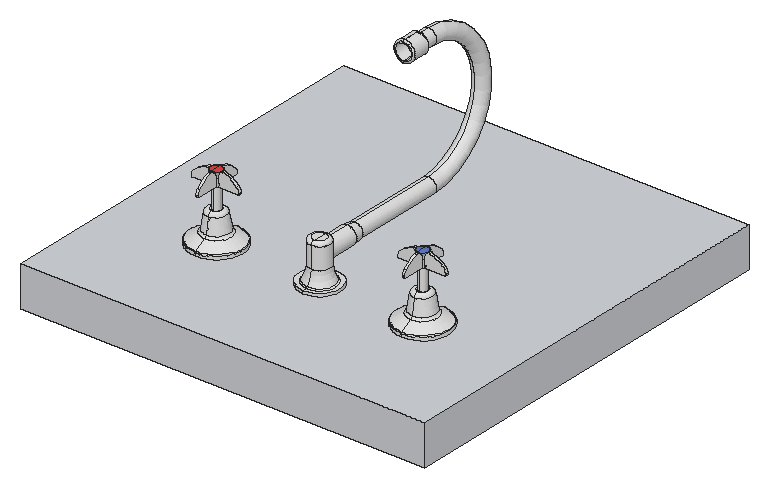
Revit family
Parameters (values of type "49949 (Jumper Valve)")
  WELSRating_ANZRS = "5 star"
  URL = "www.galvinengineering.com.au"
  Type Comments = "Vendal Resistant"
  StyleOrType_ANZRS = "Plumbing Fixture"
  Seating = "Jumper Valve (Option of 1/2 Turn Ceramic Disc)"
  PlumbingMaterial_ANZRS = Metal_Taps_DR-Brass-with-Chrome-Finish_10800
  Outlet = "Fixed Gooseneck 200mm Spout DPW (NSW) with Aerator"
  ModifiedIssue_ANZRS = 20120629.01  # constant formula
  Model = "49949"
  Manufacturer = "Galvin Engineering"
  Keynote = "15400"
  Instructions = "http://www.galvinengineering.com.au/Installation_Guides_1.aspx"
  Inlet = "15mm BSP"
  FlowRate = 0.10 L/s
  FilterObject_ANZRS = "Vendal Resistant"
  DimWidth = 255 mm  # constant formula
  DimInletRadius = 7.5 mm  # constant formula
  DimHeight = 260 mm  # constant formula
  DimDepth = 200 mm  # constant formula
  Description = "Vandal Resistant DPW Wall Sink Set - Jumper Valve, Fixed Gooseneck Spout 200cc x 120h"
  Default Elevation = 900 mm
  CreatedBy_ANZRS = "Galvin Engineering"  # constant formula
  CreatedByURL_ANZRS = "www.galvinengineering.com.au"
  CreatedByPhoneNo_ANZRS = "61-8-92495900"  # constant formula
  Assembly Code = "D2010"
Reference planes
  plane 1 "Bottom": y = 0
  plane 2 "Face": z = 0
  plane 3 "Center (Left/Right)": x = 0
  plane 4 "Left": x = -127.5
  plane 5 "Right": x = 127.5
  plane 6 "Front": z = 200
  plane 7: z = 82.559
  plane 8 "Top": y = 260
  plane 9: y = 130
Forms (mm)
  Extrusion 1, solid
    sketch origin (0, -719.2, 0) x (1, 0, 0) y (0, 1, 0)
      loop
        line (-250, 1069.2) -> (-250, 569.2) -> (250, 569.2) -> (250, 1069.2) -> (-250, 1069.2)
    from 0 to -50
  Revolve 2, solid, material "Metal_Taps_DR-Brass-with-Chrome-Finish_10800" <- "PlumbingMaterial_ANZRS"
    sketch origin (-127.5, 0, 0) x (0, 1, 0) y (0, 0, 1)
      loop
        line (0, 82.559) -> (-7.407, 82.559)
        arc (-7.407, 82.559) -> (-3.989, 78.83) -> (-2.75, 73.925) r 10.333
        line (-2.75, 73.925) -> (-2.75, 64.159) -> (-4.827, 64.159) -> (-4.827, 39) -> (-7.33, 39)
        arc (-7.33, 39) -> (-10.552, 37.823) -> (-12.258, 34.846) r 5
        line (-12.258, 34.846) -> (-15.443, 16.298)
        arc (-15.443, 16.298) -> (-16.285, 14.262) -> (-17.92, 12.786) r 5
        line (-17.92, 12.786) -> (-31.99, 4.872)
        arc (-31.99, 4.872) -> (-32.363, 4.505) -> (-32.5, 4) r 1
        line (-32.5, 4) -> (-32.5, 0) -> (0, 0) -> (0, 82.559)
      axis (0, 0) -> (0, 82.559)
    angle from 0 to 360
  Extrusion 3, solid, material "Metal_Taps_DR-Brass-with-Chrome-Finish_10800" <- "PlumbingMaterial_ANZRS"
    sketch origin (-127.5, 0, 8.123) x (0, 1, 0) y (0, 0, 1)
      loop
        line (-27.98, 56.036) -> (28.02, 56.036)
        arc (28.02, 56.036) -> (29.11, 56.505) -> (29.518, 57.62) r 1.5
        arc (29.518, 57.62) -> (28.88, 61.161) -> (26.905, 64.169) r 9
        arc (26.905, 64.169) -> (19.204, 70.219) -> (10.263, 74.216) r 40
        arc (10.263, 74.216) -> (9.538, 74.381) -> (8.796, 74.436) r 5
        line (8.796, 74.436) -> (-8.62, 74.436)
        arc (-8.62, 74.436) -> (-9.363, 74.38) -> (-10.09, 74.215) r 5
        arc (-10.09, 74.215) -> (-19.14, 70.144) -> (-26.909, 63.971) r 40
        arc (-26.909, 63.971) -> (-28.831, 61.029) -> (-29.479, 57.576) r 9
        arc (-29.479, 57.576) -> (-29.054, 56.49) -> (-27.98, 56.036) r 1.5
    from -1.5 to 1.5
  Revolve 4, solid, material "Plastic_Taps_Red_10800"
    sketch origin (-127.5, 0, 8.123) x (0, 1, 0) y (0, 0, 1)
      loop
        line (0, 74.436) -> (0, 75.522)
        spline (0, 75.522) -> (-0.816, 75.513) -> (-1.618, 75.485) -> (-2.392, 75.44) -> (-3.125, 75.377) -> (-3.805, 75.298) -> (-4.419, 75.204) -> (-4.958, 75.097) -> (-5.413, 74.979) -> (-5.774, 74.852) -> (-6.037, 74.717) -> (-6.197, 74.578) -> (-6.25, 74.436)
        line (-6.25, 74.436) -> (0, 74.436)
      axis (0, 74.436) -> (0, 75.522)
    angle from 0 to 360
  Extrusion 5, solid, material "Metal_Taps_DR-Brass-with-Chrome-Finish_10800" <- "PlumbingMaterial_ANZRS"
    sketch origin (0, 0, 8.123) x (1, 0, 0) y (0, 0, 1)
      loop
        arc (-99.501, 56.036) -> (-98.426, 56.49) -> (-98.001, 57.576) r 1.5
        arc (-98.001, 57.576) -> (-98.65, 61.029) -> (-100.571, 63.971) r 9
        arc (-100.571, 63.971) -> (-108.341, 70.144) -> (-117.391, 74.215) r 40
        arc (-117.391, 74.215) -> (-118.117, 74.38) -> (-118.86, 74.436) r 5
        line (-118.86, 74.436) -> (-136.277, 74.436)
        arc (-136.277, 74.436) -> (-137.018, 74.381) -> (-137.743, 74.216) r 5
        arc (-137.743, 74.216) -> (-146.684, 70.219) -> (-154.385, 64.169) r 40
        arc (-154.385, 64.169) -> (-156.36, 61.161) -> (-156.999, 57.62) r 9
        arc (-156.999, 57.62) -> (-156.591, 56.505) -> (-155.501, 56.036) r 1.5
        line (-155.501, 56.036) -> (-99.501, 56.036)
    from -1.5 to 1.5
  Revolve 6, solid, material "Metal_Taps_DR-Brass-with-Chrome-Finish_10800" <- "PlumbingMaterial_ANZRS"
    sketch origin (0, 0, 0) x (0, 1, 0) y (0, 0, 1)
      loop
        line (0, 52) -> (-8.8, 52)
        arc (-8.8, 52) -> (-11.628, 50.828) -> (-12.8, 48) r 4
        line (-12.8, 48) -> (-12.8, 22.034)
        arc (-12.8, 22.034) -> (-14.107, 12.865) -> (-17.923, 4.427) r 32.816
        arc (-17.923, 4.427) -> (-18.648, 3.747) -> (-19.611, 3.5) r 2
        line (-19.611, 3.5) -> (-25.3, 3.5) -> (-25.3, 0) -> (0, 0) -> (0, 52)
      axis (0, 0) -> (0, 52)
    angle from 0 to 360
  Sweep 7, solid, material "Metal_Taps_DR-Brass-with-Chrome-Finish_10800" <- "PlumbingMaterial_ANZRS"
    path origin (0, 0, 0) x (0, 1, 0) y (0, 0, 1)
      loop
        line (153, 200) -> (168, 200)
        arc (168, 200) -> (250.5, 117.5) -> (168, 35) r 82.5
        line (168, 35) -> (54.2, 35)
    profile origin (0, 111.1, 35) x (0, 0, -1) y (1, 0, 0)
      loop
        circle (0, 0) r 9.5
  Revolve 8, solid, material "Metal_Taps_DR-Brass-with-Chrome-Finish_10800" <- "PlumbingMaterial_ANZRS"
    sketch origin (0, 41.134, -53.668) x (0, 0.173648, -0.984808) y (0, 0.984808, 0.173648)
      loop
        line (-242.976, 155.387) -> (-246.53, 135.23)
        arc (-246.53, 135.23) -> (-246.282, 134.11) -> (-245.314, 133.493) r 1.5
        line (-245.314, 133.493) -> (-243.836, 133.232) -> (-240.753, 150.717) -> (-238.784, 150.37) -> (-237.872, 155.54) -> (-241.774, 156.228)
        arc (-241.774, 156.228) -> (-242.55, 156.057) -> (-242.976, 155.387) r 1.038
      axis (-230.388, 154.221) -> (-234.382, 131.565)
    angle from 0 to 360
  Revolve 9, solid, material "Metal_Taps_DR-Brass-with-Chrome-Finish_10800" <- "PlumbingMaterial_ANZRS"
    sketch origin (127.5, 0, 0) x (0, 1, 0) y (0, 0, 1)
      loop
        line (0, 82.559) -> (-7.407, 82.559)
        arc (-7.407, 82.559) -> (-3.989, 78.83) -> (-2.75, 73.925) r 10.333
        line (-2.75, 73.925) -> (-2.75, 64.159) -> (-4.827, 64.159) -> (-4.827, 39) -> (-7.33, 39)
        arc (-7.33, 39) -> (-10.552, 37.823) -> (-12.258, 34.846) r 5
        line (-12.258, 34.846) -> (-15.443, 16.298)
        arc (-15.443, 16.298) -> (-16.285, 14.262) -> (-17.92, 12.786) r 5
        line (-17.92, 12.786) -> (-31.99, 4.872)
        arc (-31.99, 4.872) -> (-32.363, 4.505) -> (-32.5, 4) r 1
        line (-32.5, 4) -> (-32.5, 0) -> (0, 0) -> (0, 82.559)
      axis (0, 0) -> (0, 82.559)
    angle from 0 to 360
  Extrusion 10, solid, material "Metal_Taps_DR-Brass-with-Chrome-Finish_10800" <- "PlumbingMaterial_ANZRS"
    sketch origin (127.5, 0, 0) x (0, 1, 0) y (0, 0, -1)
      loop
        arc (-27.98, -64.159) -> (-29.054, -64.613) -> (-29.479, -65.699) r 1.5
        arc (-29.479, -65.699) -> (-28.831, -69.153) -> (-26.909, -72.094) r 9
        arc (-26.909, -72.094) -> (-19.14, -78.268) -> (-10.09, -82.338) r 40
        arc (-10.09, -82.338) -> (-9.363, -82.504) -> (-8.62, -82.559) r 5
        line (-8.62, -82.559) -> (8.796, -82.559)
        arc (8.796, -82.559) -> (9.538, -82.504) -> (10.263, -82.339) r 5
        arc (10.263, -82.339) -> (19.204, -78.342) -> (26.905, -72.292) r 40
        arc (26.905, -72.292) -> (28.88, -69.284) -> (29.518, -65.743) r 9
        arc (29.518, -65.743) -> (29.11, -64.629) -> (28.02, -64.159) r 1.5
        line (28.02, -64.159) -> (-27.98, -64.159)
    from -1.5 to 1.5
  Revolve 11, solid, material "Plastic_Taps_Blue_10800"
    sketch origin (127.5, 0, 0) x (0, 1, 0) y (0, 0, 1)
      loop
        line (0, 82.559) -> (0, 83.646)
        spline (0, 83.646) -> (-0.816, 83.636) -> (-1.618, 83.609) -> (-2.392, 83.563) -> (-3.125, 83.5) -> (-3.805, 83.421) -> (-4.419, 83.327) -> (-4.958, 83.221) -> (-5.413, 83.102) -> (-5.774, 82.975) -> (-6.037, 82.84) -> (-6.197, 82.701) -> (-6.25, 82.559)
        line (-6.25, 82.559) -> (0, 82.559)
      axis (0, 82.559) -> (0, 83.646)
    angle from 0 to 360
  Extrusion 12, solid, material "Metal_Taps_DR-Brass-with-Chrome-Finish_10800" <- "PlumbingMaterial_ANZRS"
    sketch origin (0, 0, 8.123) x (-1, 0, 0) y (0, 0, -1)
      loop
        line (-99.501, -56.036) -> (-155.501, -56.036)
        arc (-155.501, -56.036) -> (-156.591, -56.505) -> (-156.999, -57.62) r 1.5
        arc (-156.999, -57.62) -> (-156.36, -61.161) -> (-154.385, -64.169) r 9
        arc (-154.385, -64.169) -> (-146.684, -70.219) -> (-137.743, -74.216) r 40
        arc (-137.743, -74.216) -> (-137.018, -74.381) -> (-136.277, -74.436) r 5
        line (-136.277, -74.436) -> (-118.86, -74.436)
        arc (-118.86, -74.436) -> (-118.117, -74.38) -> (-117.391, -74.215) r 5
        arc (-117.391, -74.215) -> (-108.341, -70.144) -> (-100.571, -63.971) r 40
        arc (-100.571, -63.971) -> (-98.65, -61.029) -> (-98.001, -57.576) r 9
        arc (-98.001, -57.576) -> (-98.426, -56.49) -> (-99.501, -56.036) r 1.5
    from -1.5 to 1.5
  Revolve 13, solid, material "Metal_Taps_DR-Brass-with-Chrome-Finish_10800" <- "PlumbingMaterial_ANZRS"
    sketch origin (0, -57.671, -253.668) x (0, 0.173648, -0.984808) y (0, 0.984808, 0.173648)
      loop
        line (-277.697, 151.393) -> (-284.609, 112.193) -> (-273.678, 110.265) -> (-264.856, 160.298) -> (-274.211, 161.948) -> (-277.697, 151.393)
      axis (-264.856, 160.298) -> (-273.678, 110.265)
    angle from 0 to 360
Cuts and joins
  joined: Sweep 7, Revolve 8
  joined: Revolve 6, Revolve 13
Dimensions and locks
  "DimDepth": plane 2 "Face" to plane 6 "Front"
  "DimWidth": plane 4 "Left" to plane 5 "Right"
  locked: plane 2 "Face" to plane 7 at 82.559
  "DimHeight": plane 8 "Top" to plane 1 "Bottom"
  locked: plane 9 to plane 1 "Bottom" at 130
  aligned and locked: plane 2 "Face" to Extrusion 1
  aligned and locked: level to Extrusion 1
Automatic sketch dimensions
  Revolve 2 sketch curve to level = 0 mm
  plane 7 to Revolve 2 sketch curve = 0 mm
  Revolve 2 sketch curve to plane 1 "Bottom" = 0 mm  (x2)
  plane 1 "Bottom" to Revolve 2 sketch curve = 2.75 mm
  Revolve 2 sketch curve to Revolve 2 sketch curve = 2.077 mm
  Revolve 2 sketch curve to Revolve 2 sketch curve = 2.502 mm
  plane 1 "Bottom" to Revolve 2 sketch curve = 7.407 mm
  Revolve 2 sketch curve to Revolve 2 sketch curve = 4.928 mm
  plane 7 to Revolve 2 sketch curve = 8.634 mm
  plane 1 "Bottom" to Revolve 2 sketch curve = 15.443 mm
  Revolve 2 sketch curve to Revolve 2 sketch curve = 2.477 mm
  Revolve 2 sketch curve to Revolve 2 sketch curve = 2.451 mm
  level to Revolve 2 sketch curve = 4 mm
  Revolve 2 sketch curve to Revolve 2 sketch curve = 13.58 mm
  Revolve 2 sketch curve to Revolve 2 sketch curve = 0.49 mm
  Revolve 2 sketch curve to Revolve 2 sketch curve = 1 mm
  level to Revolve 2 sketch curve = 12.786 mm
  Revolve 2 sketch curve to Revolve 2 sketch curve = 3.512 mm
  Revolve 2 sketch curve to Revolve 2 sketch curve = 10.74 mm
  Revolve 2 sketch curve to Revolve 2 sketch curve = 6.962 mm
  Revolve 2 sketch curve to Revolve 2 sketch curve = 0.846 mm
  Revolve 2 sketch curve to Revolve 2 sketch curve = 9.766 mm
  Revolve 2 sketch curve to Revolve 2 sketch curve = 12.144 mm
  plane 7 to Extrusion 3 sketch curve = 0 mm
  Extrusion 3 sketch curve to Extrusion 3 sketch curve = 1.499 mm
  Extrusion 3 sketch curve to Extrusion 3 sketch curve = 1.07 mm
  Extrusion 3 sketch curve to Extrusion 3 sketch curve = 0 mm  (x4)
  Extrusion 3 sketch curve to Extrusion 3 sketch curve = 7.5 mm  (x2)
  plane 7 to Extrusion 3 sketch curve = 0.221 mm
  plane 1 "Bottom" to Extrusion 3 sketch curve = 10.09 mm
  Extrusion 3 sketch curve to Extrusion 3 sketch curve = 1.47 mm
  plane 1 "Bottom" to Extrusion 3 sketch curve = 1.47 mm
  Extrusion 3 sketch curve to Extrusion 3 sketch curve = 3.137 mm
  Extrusion 3 sketch curve to plane 1 "Bottom" = 8.796 mm
  plane 7 to Extrusion 3 sketch curve = 0.22 mm
  Extrusion 3 sketch curve to Extrusion 3 sketch curve = 1.467 mm
  Extrusion 3 sketch curve to Extrusion 3 sketch curve = 11.724 mm
  Extrusion 3 sketch curve to Extrusion 3 sketch curve = 6.384 mm
  Extrusion 3 sketch curve to Extrusion 3 sketch curve = 1.498 mm
  Extrusion 3 sketch curve to Extrusion 3 sketch curve = 1.584 mm
  plane 7 to Revolve 4 sketch curve = 0 mm
  Revolve 4 sketch curve to plane 1 "Bottom" = 0 mm  (x2)
  plane 1 "Bottom" to Revolve 4 sketch curve = 6.25 mm
  plane 7 to Revolve 4 sketch curve = 5.89 mm
  Revolve 4 sketch curve to Revolve 4 sketch curve = 1.086 mm
  Revolve 4 sketch curve to Revolve 4 sketch curve = 6.727 mm
  Extrusion 5 sketch curve to plane 7 = 0 mm
  plane 7 to Extrusion 5 sketch curve = 16.816 mm
  Extrusion 5 sketch curve to plane 4 "Left" = 29.499 mm
  Extrusion 5 sketch curve to Extrusion 5 sketch curve = 1.498 mm
  Extrusion 5 sketch curve to Extrusion 5 sketch curve = 1.116 mm
  Extrusion 5 sketch curve to Extrusion 5 sketch curve = 0 mm  (x4)
  Extrusion 5 sketch curve to Extrusion 5 sketch curve = 7.5 mm  (x2)
  plane 7 to Extrusion 5 sketch curve = 0.22 mm
  Extrusion 5 sketch curve to plane 4 "Left" = 10.243 mm
  Extrusion 5 sketch curve to Extrusion 5 sketch curve = 1.467 mm
  Extrusion 5 sketch curve to plane 4 "Left" = 1.647 mm
  plane 4 "Left" to Extrusion 5 sketch curve = 8.64 mm
  plane 7 to Extrusion 5 sketch curve = 0.221 mm
  Extrusion 5 sketch curve to Extrusion 5 sketch curve = 1.47 mm
  Extrusion 5 sketch curve to Extrusion 5 sketch curve = 11.859 mm
  Extrusion 5 sketch curve to Extrusion 5 sketch curve = 6.43 mm
  Extrusion 5 sketch curve to Extrusion 5 sketch curve = 1.499 mm
  Extrusion 5 sketch curve to Extrusion 5 sketch curve = 1.584 mm
  Revolve 6 sketch curve to level = 0 mm
  Revolve 6 sketch curve to plane 1 "Bottom" = 0 mm  (x2)
  plane 1 "Bottom" to Revolve 6 sketch curve = 8.8 mm
  plane 1 "Bottom" to Revolve 6 sketch curve = 12.8 mm
  level to Revolve 6 sketch curve = 4.427 mm
  plane 1 "Bottom" to Revolve 6 sketch curve = 17.923 mm
  Revolve 6 sketch curve to Revolve 6 sketch curve = 0 mm
  Revolve 6 sketch curve to Revolve 6 sketch curve = 1.688 mm
  Revolve 6 sketch curve to Revolve 6 sketch curve = 5.689 mm
  Revolve 6 sketch curve to Revolve 6 sketch curve = 14.703 mm
  Revolve 6 sketch curve to Revolve 6 sketch curve = 25.966 mm
  Revolve 6 sketch curve to Revolve 6 sketch curve = 11.148 mm
  Sweep 7 sketch curve to plane 3 "Center (Left/Right)" = 0 mm
  Sweep 7 sketch curve to profile plane = 0 mm
  plane 6 "Front" to Revolve 8 sketch curve = 0 mm  (x2)
  Revolve 8 sketch curve to plane 6 "Front" = 12.6 mm
  Revolve 8 sketch curve to plane 1 "Bottom" = 131.5 mm
  Revolve 8 sketch curve to Revolve 8 sketch curve = 1.217 mm
  Revolve 8 sketch curve to Revolve 8 sketch curve = 0.26 mm  (x2)
  Revolve 8 sketch curve to Revolve 8 sketch curve = 1.477 mm
  Revolve 8 sketch curve to Revolve 8 sketch curve = 3.554 mm
  Revolve 8 sketch curve to Revolve 8 sketch curve = 1.022 mm  (x2)
  Revolve 8 sketch curve to Revolve 8 sketch curve = 0.18 mm
  Revolve 8 sketch curve to Revolve 8 sketch curve = 1.201 mm
  Revolve 8 sketch curve to Revolve 8 sketch curve = 1.97 mm
  Revolve 8 sketch curve to Revolve 8 sketch curve = 3.902 mm
  Revolve 8 sketch curve to Revolve 8 sketch curve = 8.739 mm
  Revolve 8 sketch curve to Revolve 8 sketch curve = 6.291 mm
  Revolve 8 sketch curve to Revolve 8 sketch curve = 1.998 mm
  Revolve 9 sketch curve to level = 0 mm
  plane 7 to Revolve 9 sketch curve = 0 mm
  Revolve 9 sketch curve to plane 1 "Bottom" = 0 mm  (x2)
  Revolve 9 sketch curve to plane 1 "Bottom" = 2.75 mm
  Revolve 9 sketch curve to Revolve 9 sketch curve = 2.077 mm
  Revolve 9 sketch curve to Revolve 9 sketch curve = 2.502 mm
  Revolve 9 sketch curve to plane 1 "Bottom" = 7.407 mm
  Revolve 9 sketch curve to Revolve 9 sketch curve = 4.928 mm
  Revolve 9 sketch curve to plane 7 = 8.634 mm
  Revolve 9 sketch curve to plane 1 "Bottom" = 15.443 mm
  Revolve 9 sketch curve to Revolve 9 sketch curve = 2.477 mm
  Revolve 9 sketch curve to Revolve 9 sketch curve = 2.451 mm
  Revolve 9 sketch curve to level = 4 mm
  Revolve 9 sketch curve to Revolve 9 sketch curve = 13.58 mm
  Revolve 9 sketch curve to Revolve 9 sketch curve = 0.49 mm
  Revolve 9 sketch curve to Revolve 9 sketch curve = 1 mm
  Revolve 9 sketch curve to level = 12.786 mm
  Revolve 9 sketch curve to Revolve 9 sketch curve = 3.512 mm
  Revolve 9 sketch curve to Revolve 9 sketch curve = 10.74 mm
  Revolve 9 sketch curve to Revolve 9 sketch curve = 6.962 mm
  Revolve 9 sketch curve to Revolve 9 sketch curve = 0.846 mm
  Revolve 9 sketch curve to Revolve 9 sketch curve = 9.766 mm
  Revolve 9 sketch curve to Revolve 9 sketch curve = 12.144 mm
  plane 7 to Extrusion 10 sketch curve = 0 mm
  Extrusion 10 sketch curve to Extrusion 10 sketch curve = 1.499 mm
  Extrusion 10 sketch curve to Extrusion 10 sketch curve = 1.07 mm
  Extrusion 10 sketch curve to Extrusion 10 sketch curve = 0 mm  (x4)
  Extrusion 10 sketch curve to Extrusion 10 sketch curve = 7.5 mm  (x2)
  Extrusion 10 sketch curve to plane 7 = 0.221 mm
  Extrusion 10 sketch curve to plane 1 "Bottom" = 10.09 mm
  Extrusion 10 sketch curve to Extrusion 10 sketch curve = 1.47 mm
  Extrusion 10 sketch curve to plane 1 "Bottom" = 1.47 mm
  Extrusion 10 sketch curve to Extrusion 10 sketch curve = 3.137 mm
  plane 1 "Bottom" to Extrusion 10 sketch curve = 8.796 mm
  Extrusion 10 sketch curve to plane 7 = 0.22 mm
  Extrusion 10 sketch curve to Extrusion 10 sketch curve = 1.467 mm
  Extrusion 10 sketch curve to Extrusion 10 sketch curve = 11.724 mm
  Extrusion 10 sketch curve to Extrusion 10 sketch curve = 6.384 mm
  Extrusion 10 sketch curve to Extrusion 10 sketch curve = 1.498 mm
  Extrusion 10 sketch curve to Extrusion 10 sketch curve = 1.584 mm
  plane 7 to Revolve 11 sketch curve = 0 mm
  Revolve 11 sketch curve to plane 1 "Bottom" = 0 mm  (x2)
  Revolve 11 sketch curve to plane 1 "Bottom" = 6.25 mm
  Revolve 11 sketch curve to plane 7 = 5.89 mm
  Revolve 11 sketch curve to Revolve 11 sketch curve = 1.086 mm
  Revolve 11 sketch curve to Revolve 11 sketch curve = 6.727 mm
  Extrusion 12 sketch curve to plane 7 = 0 mm
  Extrusion 12 sketch curve to plane 7 = 16.816 mm
  plane 5 "Right" to Extrusion 12 sketch curve = 29.499 mm
  Extrusion 12 sketch curve to Extrusion 12 sketch curve = 1.498 mm
  Extrusion 12 sketch curve to Extrusion 12 sketch curve = 1.116 mm
  Extrusion 12 sketch curve to Extrusion 12 sketch curve = 0 mm  (x4)
  Extrusion 12 sketch curve to Extrusion 12 sketch curve = 7.5 mm  (x2)
  Extrusion 12 sketch curve to plane 7 = 0.22 mm
  plane 5 "Right" to Extrusion 12 sketch curve = 10.243 mm
  Extrusion 12 sketch curve to Extrusion 12 sketch curve = 1.467 mm
  plane 5 "Right" to Extrusion 12 sketch curve = 1.647 mm
  Extrusion 12 sketch curve to plane 5 "Right" = 8.64 mm
  Extrusion 12 sketch curve to plane 7 = 0.221 mm
  Extrusion 12 sketch curve to Extrusion 12 sketch curve = 1.47 mm
  Extrusion 12 sketch curve to Extrusion 12 sketch curve = 11.859 mm
  Extrusion 12 sketch curve to Extrusion 12 sketch curve = 6.43 mm
  Extrusion 12 sketch curve to Extrusion 12 sketch curve = 1.499 mm
  Extrusion 12 sketch curve to Extrusion 12 sketch curve = 1.584 mm
  Revolve 13 sketch curve to Revolve 13 sketch curve = 6.912 mm
  Revolve 13 sketch curve to Revolve 13 sketch curve = 3.486 mm
  Revolve 13 sketch curve to Revolve 13 sketch curve = 10.931 mm
  Revolve 13 sketch curve to Revolve 13 sketch curve = 8.131 mm
  Revolve 13 sketch curve to Revolve 13 sketch curve = 9.356 mm
  Revolve 13 sketch curve to Revolve 13 sketch curve = 1.367 mm
  Revolve 13 sketch curve to Revolve 13 sketch curve = 17.808 mm
  Revolve 13 sketch curve to Revolve 13 sketch curve = 7.755 mm
  Revolve 13 sketch curve to plane 1 "Bottom" = 3.395 mm
  plane 7 to Revolve 13 sketch curve = 36.459 mm
  Revolve 13 sketch curve to Revolve 13 sketch curve = 1.927 mm
  Extrusion 3 sketch curve to Extrusion 3 sketch curve = 11.859 mm
  level to Revolve 6 sketch curve = 22.034 mm
  Extrusion 10 sketch curve to Extrusion 10 sketch curve = 11.859 mm
  plane 6 "Front" to Sweep 7 sketch curve = 0 mm
  level to Sweep 7 sketch curve = 35 mm
  Sweep 7 sketch curve to plane 1 "Bottom" = 54.2 mm
  plane 9 to Sweep 7 sketch curve = 23 mm
  Sweep 7 sketch curve to Sweep 7 sketch curve = 15 mm
  Extrusion 1 sketch curve to Extrusion 1 sketch curve = 500 mm  (x2)
  radius of Sweep 7 sketch curve = 9.5 mm
Connectors
  piping at (0, 0, 0), driven by "FlowRate", driven by "DimInletRadius"
    settings: on Revolve 6, index 1, connector radius 0.29528", flow factor 0, pipe flow 0.10 L/s, pressure drop 0.00 psi, fitting loss kfactor 0, connector angle 0.00°, fixture units 0, flow configuration 1, flow direction 1, fitting loss method 4, system type 20, connector reference index -1, connector utility 0, adjustable connector no, is connector primary yes, fitting loss table "", connector description "Inlet"
